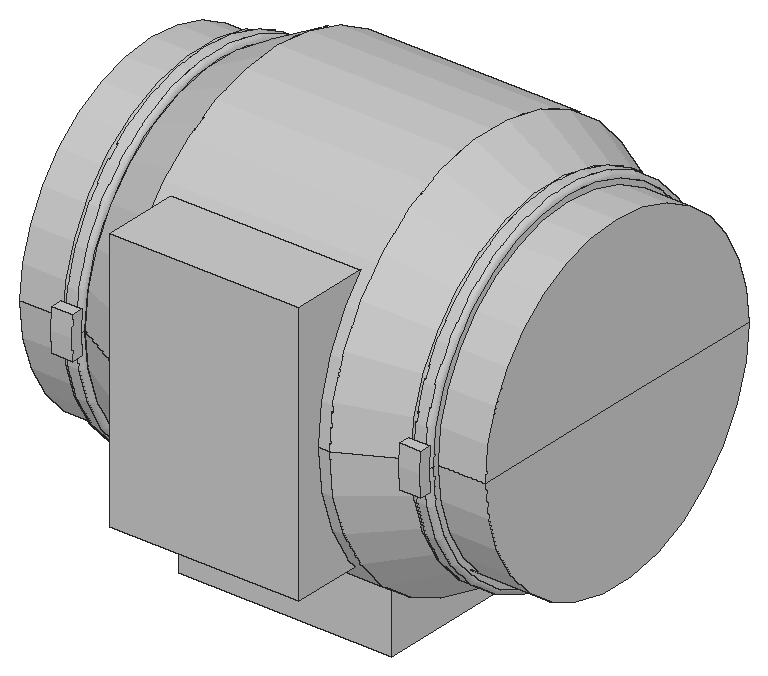
Revit family "ERA_Вентилятор_TYPHOON", category Оборудование, Revit 2019
Family settings
  Размер круглого соединителя = Использовать диаметр
  Классификация = Нет
  Тип детали = Вставляется
  На основе рабочей плоскости = Нет
  Всегда вертикально = Да
  При загрузке вырезать с полостями = Нет
  Общий = Нет
  Точка расчета площади = Нет
Parameters (values of type "TYPHOON 315 2SP_Скорость 2")
  УГО_Видимость [instance] = yes
  Производитель_Контакты_Телефон = "8 (4912) 70-16-76, 8 (4912) 24-16-00"  # constant formula
  Опора_Vis = not(Лыжня_1_2_Vis)  # yes
  Лыжня_2_W = size_lookup(LT, "Лыжня_2_W", 18 mm, Code1)  # 22 mm
  Лыжня_1_W = size_lookup(LT, "Лыжня_1_W", 14 mm, Code1)  # 19 mm
  Лыжня_1_2_Vis = if(Code1 < 21, 1 = 1, 1 = 0)  # no
  Коробка_W = size_lookup(LT, "Коробка_W", 67 mm, Code1)  # 181 mm
  Коробка_2_Vis = not(Коробка_1_Vis)  # yes
  Коробка_1_Vis = if(Code1 < 21, 1 = 1, 1 = 0)  # no
  Коробка_L2 = Коробка_1_2_L * 0.6  # 138.96 mm
  Коробка_L1 = Коробка_1_2_L * 0.4  # 92.64 mm
  Изготовитель = "ООО «ЭРА»"  # constant formula
  h = 260 mm  # constant formula
  b = B_W / 2 + 15 mm  # 208 mm
  Лыжня_1_2_W = size_lookup(LT, "Лыжня_1_2_W", 106 mm, Code1)  # 238 mm
  Лыжня_1_2_L = A_L - L1 - L1 + 10 mm  # 344 mm
  Коробка_1_2_L = B_W * 0.6  # 231.6 mm
  F = 216 mm  # constant formula
  ERA_Частота вращения = size_lookup(LT, "ERA_Частота вращения", "Ошибка!", Code1)  # "2350"
  ERA_Уровень шума = size_lookup(LT, "ERA_Уровень шума", "Ошибка!", Code1)  # "69"
  C_G = size_lookup(LT, "C_G", 216 mm, Code1)  # 357 mm
  URL = "https://era.trade"
  LT = "ERA_Вентилятор_TYPHOON"  # constant formula
  L2 = size_lookup(LT, "L2", 61 mm, Code1)  # 65 mm
  L1 = size_lookup(LT, "L1", 40 mm, Code1)  # 56 mm
  B1 = C_G - (C_G - B_W) * 0.3  # 365.7 mm
  A_L = size_lookup(LT, "A_L", 371 mm, Code1)  # 446 mm
  ERA_Цвет = "Серый"  # constant formula
  ERA_Управление = "Механическое"  # constant formula
  ERA_Торговая марка = "ERA PRO"  # constant formula
  ERA_Страна производитель = "Россия"  # constant formula
  ERA_Размещение = "Канальное"  # constant formula
  ERA_Рабочий механизм = "Осевой"  # constant formula
  ERA_Опция AT (Таймер) = size_lookup(LT, "ERA_Опция AT (Таймер)", "Ошибка!", Code1)  # "нет"
  ERA_Контакты = "8 (4912) 70-16-76, 8 (4912) 24-16-00"  # constant formula
  ERA_Класс защиты = "IP24"  # constant formula
  ERA_Гарантия = "3 года"  # constant formula
  ERA_IP двигателя = "44"  # constant formula
  ERA_IP вентилятора = "44"  # constant formula
  D = size_lookup(LT, "D", 100 mm, Code1)  # 315 mm
  Code1 = 22
  B_W = size_lookup(LT, "B_W", 173 mm, Code1)  # 386 mm
  ADSK_Этаж [instance] = ""
  ADSK_Ток = size_lookup(LT, "ADSK_Ток", 0 A, Code1)  # 1.24 A
  ADSK_Расход воздуха [instance] = size_lookup(LT, "ADSK_Расход воздуха", 0 m³/h, Code1)  # 2060 m³/h
  ADSK_Размер_Ширина = B_W  # 386 mm
  ADSK_Размер_Длина = A_L  # 446 mm
  ADSK_Размер_Высота = 200 mm  # constant formula
  ADSK_Примечание [instance] = ""
  ADSK_Потеря давления воздуха [instance] = size_lookup(LT, "ADSK_Потеря давления воздуха", 0.0 Pa, Code1)  # 715.0 Pa
  ADSK_Полная мощность = size_lookup(LT, "ADSK_Полная мощность", 0 VA, Code1)  # 285 VA
  ADSK_Позиция [instance] = ""
  ADSK_Обозначение = size_lookup(LT, "ADSK_Обозначение", "Ошибка!", Code1)  # "TYPHOON 315 2SP"
  ADSK_Номинальная мощность = size_lookup(LT, "ADSK_Номинальная мощность", 0 W, Code1)  # 285 W
  ADSK_Напряжение = 230 V  # constant formula
  ADSK_Наименование краткое [instance] = ADSK_Марка  # "TYPHOON 315 2SP"
  ADSK_Наименование = size_lookup(LT, "ADSK_Наименование", "Ошибка!", Code1)  # "Вентилятор канальный TYPHOON 315 2SP скорость 2"
  ADSK_Материал = ERA_Пластик_Серый
  ADSK_Масса_Текст = size_lookup(LT, "ADSK_Масса_Текст", "Ошибка!", Code1)  # "11"
  ADSK_Масса = size_lookup(LT, "ADSK_Масса", 0, Code1)  # 11
  ADSK_Марка = ADSK_Обозначение  # "TYPHOON 315 2SP"
  ADSK_Коэффициент мощности = 0.8  # constant formula
  ADSK_Количество фаз числовое = 1  # constant formula
  ADSK_Количество фаз = 1  # constant formula
  ADSK_Количество = 1  # constant formula
  ADSK_Код изделия = ADSK_Марка  # "TYPHOON 315 2SP"
  ADSK_Классификация нагрузок = Электродвигатель вентилятора
  ADSK_Завод-изготовитель = "ООО «ЭРА»"  # constant formula
  ADSK_Единица измерения = "шт."  # constant formula
  ADSK_Группирование [instance] = ""
  ADSK_Версия семейства = "Ver.1 2025-02"  # constant formula
  ADSK_Версия Revit = "2019"  # constant formula
  ADSK_URL страницы изделия = "https://era.trade/catalog/ventilyator_kanalnyy/seria_typhoon/"
  ADSK_URL документации изделия = "https://era.trade/catalog/ventilyator_kanalnyy/seria_typhoon/"
Types (22, lengths in mm): name | Опора_Vis | Лыжня_2_W | Лыжня_1_W | Лыжня_1_2_Vis | Коробка_W | Коробка_2_Vis | Коробка_1_Vis | Коробка_L2 | Коробка_L1 | b | Лыжня_1_2_W | Лыжня_1_2_L | Коробка_1_2_L | ERA_Частота вращения | ERA_Уровень шума | C_G | L2 | L1 | B1 | A_L | ERA_Опция AT (Таймер) | D | Code1 | B_W | ADSK_Ток | ADSK_Расход воздуха | ADSK_Размер_Ширина | ADSK_Размер_Длина | ADSK_Потеря давления воздуха | ADSK_Полная мощность | ADSK_Обозначение | ADSK_Номинальная мощность | ADSK_Наименование краткое | ADSK_Наименование | ADSK_Масса_Текст | ADSK_Масса | ADSK_Марка | ADSK_Код изделия
  TYPHOON 100 2SP_Скорость 1 | no | 18 | 14 | yes | 67 | no | yes | 62.28 | 41.52 | 101.5 | 106 | 301 | 103.8 | "1850" | "31" | 216 | 61 | 40 | 203.1 | 371 | "есть" | 100 | 3 | 173 | 0.1 A | 180 m³/h | 173 | 371 | 110.0 Pa | 23 VA | "TYPHOON 100 2SP AT" | 23 W | "TYPHOON 100 2SP AT" | "Вентилятор канальный TYPHOON 100 2SP AT скорость 1" | "1.84" | 1.84 | "TYPHOON 100 2SP AT" | "TYPHOON 100 2SP AT"
  TYPHOON 100 2SP_Скорость 2 | no | 18 | 14 | yes | 67 | no | yes | 62.28 | 41.52 | 101.5 | 106 | 301 | 103.8 | "2500" | "40" | 216 | 61 | 40 | 203.1 | 371 | "есть" | 100 | 4 | 173 | 0.11 A | 250 m³/h | 173 | 371 | 190.0 Pa | 25 VA | "TYPHOON 100 2SP AT" | 25 W | "TYPHOON 100 2SP AT" | "Вентилятор канальный TYPHOON 100 2SP AT скорость 2" | "1.84" | 1.84 | "TYPHOON 100 2SP AT" | "TYPHOON 100 2SP AT"
  TYPHOON 100 2SP AT_Скорость 1 | no | 18 | 14 | yes | 67 | no | yes | 62.28 | 41.52 | 101.5 | 106 | 301 | 103.8 | "1850" | "31" | 216 | 61 | 40 | 203.1 | 371 | "нет" | 100 | 1 | 173 | 0.1 A | 180 m³/h | 173 | 371 | 110.0 Pa | 23 VA | "TYPHOON 100 2SP" | 23 W | "TYPHOON 100 2SP" | "Вентилятор канальный TYPHOON 100 2SP скорость 1" | "1.84" | 1.84 | "TYPHOON 100 2SP" | "TYPHOON 100 2SP"
  TYPHOON 100 2SP AT_Скорость 2 | no | 18 | 14 | yes | 67 | no | yes | 62.28 | 41.52 | 101.5 | 106 | 301 | 103.8 | "2500" | "40" | 216 | 61 | 40 | 203.1 | 371 | "нет" | 100 | 2 | 173 | 0.11 A | 250 m³/h | 173 | 371 | 190.0 Pa | 25 VA | "TYPHOON 100 2SP" | 25 W | "TYPHOON 100 2SP" | "Вентилятор канальный TYPHOON 100 2SP скорость 2" | "1.84" | 1.84 | "TYPHOON 100 2SP" | "TYPHOON 100 2SP"
  TYPHOON 125 2SP_Скорость 1 | no | 18 | 14 | yes | 67 | no | yes | 62.28 | 41.52 | 101.5 | 106 | 221 | 103.8 | "1800" | "30" | 216 | 61 | 40 | 203.1 | 291 | "есть" | 125 | 7 | 173 | 0.11 A | 240 m³/h | 173 | 291 | 110.0 Pa | 25 VA | "TYPHOON 125 2SP AT" | 25 W | "TYPHOON 125 2SP AT" | "Вентилятор канальный TYPHOON 125 2SP AT скорость 1" | "1.72" | 1.72 | "TYPHOON 125 2SP AT" | "TYPHOON 125 2SP AT"
  TYPHOON 125 2SP_Скорость 2 | no | 18 | 14 | yes | 67 | no | yes | 62.28 | 41.52 | 101.5 | 106 | 221 | 103.8 | "2450" | "39" | 216 | 61 | 40 | 203.1 | 291 | "есть" | 125 | 8 | 173 | 0.13 A | 355 m³/h | 173 | 291 | 190.0 Pa | 29 VA | "TYPHOON 125 2SP AT" | 29 W | "TYPHOON 125 2SP AT" | "Вентилятор канальный TYPHOON 125 2SP AT скорость 2" | "1.72" | 1.72 | "TYPHOON 125 2SP AT" | "TYPHOON 125 2SP AT"
  TYPHOON 125 2SP AT_Скорость 1 | no | 18 | 14 | yes | 67 | no | yes | 62.28 | 41.52 | 101.5 | 106 | 221 | 103.8 | "1800" | "30" | 216 | 61 | 40 | 203.1 | 291 | "нет" | 125 | 5 | 173 | 0.11 A | 240 m³/h | 173 | 291 | 110.0 Pa | 25 VA | "TYPHOON 125 2SP" | 25 W | "TYPHOON 125 2SP" | "Вентилятор канальный TYPHOON 125 2SP скорость 1" | "1.72" | 1.72 | "TYPHOON 125 2SP" | "TYPHOON 125 2SP"
  TYPHOON 125 2SP AT_Скорость 2 | no | 18 | 14 | yes | 67 | no | yes | 62.28 | 41.52 | 101.5 | 106 | 221 | 103.8 | "2450" | "39" | 216 | 61 | 40 | 203.1 | 291 | "нет" | 125 | 6 | 173 | 0.13 A | 355 m³/h | 173 | 291 | 190.0 Pa | 29 VA | "TYPHOON 125 2SP" | 29 W | "TYPHOON 125 2SP" | "Вентилятор канальный TYPHOON 125 2SP скорость 2" | "1.72" | 1.72 | "TYPHOON 125 2SP" | "TYPHOON 125 2SP"
  TYPHOON 150 2SP_Скорость 1 | no | 19 | 15 | yes | 67 | no | yes | 68.4 | 45.6 | 110 | 112 | 239 | 114 | "2000" | "40" | 238 | 70 | 47 | 223.6 | 323 | "есть" | 150 | 11 | 190 | 0.18 A | 415 m³/h | 190 | 323 | 225.0 Pa | 42 VA | "TYPHOON 150 2SP AT" | 42 W | "TYPHOON 150 2SP AT" | "Вентилятор канальный TYPHOON 150 2SP AT скорость 1" | "2.3" | 2.3 | "TYPHOON 150 2SP AT" | "TYPHOON 150 2SP AT"
  TYPHOON 150 2SP_Скорость 2 | no | 19 | 15 | yes | 67 | no | yes | 68.4 | 45.6 | 110 | 112 | 239 | 114 | "2600" | "49" | 238 | 70 | 47 | 223.6 | 323 | "есть" | 150 | 12 | 190 | 0.22 A | 570 m³/h | 190 | 323 | 305.0 Pa | 50 VA | "TYPHOON 150 2SP AT" | 50 W | "TYPHOON 150 2SP AT" | "Вентилятор канальный TYPHOON 150 2SP AT скорость 2" | "2.3" | 2.3 | "TYPHOON 150 2SP AT" | "TYPHOON 150 2SP AT"
  TYPHOON 150 2SP AT_Скорость 1 | no | 19 | 15 | yes | 67 | no | yes | 68.4 | 45.6 | 110 | 112 | 239 | 114 | "2000" | "40" | 238 | 70 | 47 | 223.6 | 323 | "нет" | 150 | 9 | 190 | 0.18 A | 415 m³/h | 190 | 323 | 225.0 Pa | 42 VA | "TYPHOON 150 2SP" | 42 W | "TYPHOON 150 2SP" | "Вентилятор канальный TYPHOON 150 2SP скорость 1" | "2.3" | 2.3 | "TYPHOON 150 2SP" | "TYPHOON 150 2SP"
  TYPHOON 150 2SP AT_Скорость 2 | no | 19 | 15 | yes | 67 | no | yes | 68.4 | 45.6 | 110 | 112 | 239 | 114 | "2600" | "49" | 238 | 70 | 47 | 223.6 | 323 | "нет" | 150 | 10 | 190 | 0.22 A | 570 m³/h | 190 | 323 | 305.0 Pa | 50 VA | "TYPHOON 150 2SP" | 50 W | "TYPHOON 150 2SP" | "Вентилятор канальный TYPHOON 150 2SP скорость 2" | "2.3" | 2.3 | "TYPHOON 150 2SP" | "TYPHOON 150 2SP"
  TYPHOON 160 2SP_Скорость 1 | no | 20 | 17 | yes | 67 | no | yes | 68.4 | 45.6 | 110 | 112 | 248 | 114 | "2000" | "40" | 238 | 97 | 51 | 223.6 | 340 | "есть" | 160 | 15 | 190 | 0.18 A | 415 m³/h | 190 | 340 | 225.0 Pa | 42 VA | "TYPHOON 160 2SP AT" | 42 W | "TYPHOON 160 2SP AT" | "Вентилятор канальный TYPHOON 160 2SP AT скорость 1" | "2.4" | 2.4 | "TYPHOON 160 2SP AT" | "TYPHOON 160 2SP AT"
  TYPHOON 160 2SP_Скорость 2 | no | 20 | 17 | yes | 67 | no | yes | 68.4 | 45.6 | 110 | 112 | 248 | 114 | "2600" | "49" | 238 | 97 | 51 | 223.6 | 340 | "есть" | 160 | 16 | 190 | 0.22 A | 570 m³/h | 190 | 340 | 305.0 Pa | 50 VA | "TYPHOON 160 2SP AT" | 50 W | "TYPHOON 160 2SP AT" | "Вентилятор канальный TYPHOON 160 2SP AT скорость 2" | "2.4" | 2.4 | "TYPHOON 160 2SP AT" | "TYPHOON 160 2SP AT"
  TYPHOON 160 2SP AT_Скорость 1 | no | 20 | 17 | yes | 67 | no | yes | 68.4 | 45.6 | 110 | 112 | 248 | 114 | "2000" | "40" | 238 | 97 | 51 | 223.6 | 340 | "нет" | 160 | 13 | 190 | 0.18 A | 415 m³/h | 190 | 340 | 225.0 Pa | 42 VA | "TYPHOON 160 2SP" | 42 W | "TYPHOON 160 2SP" | "Вентилятор канальный TYPHOON 160 2SP скорость 1" | "2.4" | 2.4 | "TYPHOON 160 2SP" | "TYPHOON 160 2SP"
  TYPHOON 160 2SP AT_Скорость 2 | no | 20 | 17 | yes | 67 | no | yes | 68.4 | 45.6 | 110 | 112 | 248 | 114 | "2600" | "49" | 238 | 97 | 51 | 223.6 | 340 | "нет" | 160 | 14 | 190 | 0.22 A | 570 m³/h | 190 | 340 | 305.0 Pa | 50 VA | "TYPHOON 160 2SP" | 50 W | "TYPHOON 160 2SP" | "Вентилятор канальный TYPHOON 160 2SP скорость 2" | "2.4" | 2.4 | "TYPHOON 160 2SP" | "TYPHOON 160 2SP"
  TYPHOON 200 2SP_Скорость 1 | no | 21 | 18 | yes | 67 | no | yes | 90 | 60 | 140 | 120 | 320 | 150 | "2250" | "50" | 267 | 38 | 33 | 261.9 | 376 | "нет" | 200 | 17 | 250 | 0.33 A | 850 m³/h | 250 | 376 | 300.0 Pa | 75 VA | "TYPHOON 200 2SP" | 75 W | "TYPHOON 200 2SP" | "Вентилятор канальный TYPHOON 200 2SP скорость 1" | "4" | 4 | "TYPHOON 200 2SP" | "TYPHOON 200 2SP"
  TYPHOON 200 2SP_Скорость 2 | no | 21 | 18 | yes | 67 | no | yes | 90 | 60 | 140 | 120 | 320 | 150 | "2600" | "58" | 267 | 38 | 33 | 261.9 | 376 | "нет" | 200 | 18 | 250 | 0.46 A | 1100 m³/h | 250 | 376 | 350.0 Pa | 105 VA | "TYPHOON 200 2SP" | 105 W | "TYPHOON 200 2SP" | "Вентилятор канальный TYPHOON 200 2SP скорость 2" | "4" | 4 | "TYPHOON 200 2SP" | "TYPHOON 200 2SP"
  TYPHOON 250 2SP_Скорость 1 | no | 22 | 19 | yes | 67 | no | yes | 111.24 | 74.16 | 169.5 | 128 | 399 | 185.4 | "1985" | "52" | 326 | 32 | 33 | 320.9 | 455 | "нет" | 250 | 19 | 309 | 0.58 A | 1150 m³/h | 309 | 455 | 300.0 Pa | 134 VA | "TYPHOON 250 2SP" | 134 W | "TYPHOON 250 2SP" | "Вентилятор канальный TYPHOON 250 2SP скорость 1" | "7.25" | 7.25 | "TYPHOON 250 2SP" | "TYPHOON 250 2SP"
  TYPHOON 250 2SP_Скорость 2 | no | 22 | 19 | yes | 67 | no | yes | 111.24 | 74.16 | 169.5 | 128 | 399 | 185.4 | "2550" | "60" | 326 | 32 | 33 | 320.9 | 455 | "нет" | 250 | 20 | 309 | 0.78 A | 1560 m³/h | 309 | 455 | 350.0 Pa | 180 VA | "TYPHOON 250 2SP" | 180 W | "TYPHOON 250 2SP" | "Вентилятор канальный TYPHOON 250 2SP скорость 2" | "7.25" | 7.25 | "TYPHOON 250 2SP" | "TYPHOON 250 2SP"
  TYPHOON 315 2SP_Скорость 1 | yes | 22 | 19 | no | 181 | yes | no | 138.96 | 92.64 | 208 | 238 | 344 | 231.6 | "1900" | "61" | 357 | 65 | 56 | 365.7 | 446 | "нет" | 315 | 21 | 386 | 0.93 A | 1650 m³/h | 386 | 446 | 480.0 Pa | 215 VA | "TYPHOON 315 2SP" | 215 W | "TYPHOON 315 2SP" | "Вентилятор канальный TYPHOON 315 2SP скорость 1" | "11" | 11 | "TYPHOON 315 2SP" | "TYPHOON 315 2SP"
  TYPHOON 315 2SP_Скорость 2 | yes | 22 | 19 | no | 181 | yes | no | 138.96 | 92.64 | 208 | 238 | 344 | 231.6 | "2350" | "69" | 357 | 65 | 56 | 365.7 | 446 | "нет" | 315 | 22 | 386 | 1.24 A | 2060 m³/h | 386 | 446 | 715.0 Pa | 285 VA | "TYPHOON 315 2SP" | 285 W | "TYPHOON 315 2SP" | "Вентилятор канальный TYPHOON 315 2SP скорость 2" | "11" | 11 | "TYPHOON 315 2SP" | "TYPHOON 315 2SP"
Reference planes
  plane 1 "По центру (Вперед/Назад)": y = 0
  plane 2: z = 0
  plane 3 "По центру (Влево/Вправо)": x = 0
  plane 4: x = -223
  plane 5: x = -167
  plane 6: x = -102
  plane 7: x = -90.5
  plane 8: x = 223
  plane 9: x = 167
  plane 10: x = 102
  plane 11: x = 90.5
  plane 12: y = 157.5
  plane 13: y = -157.5
  plane 14: y = 193
  plane 15: y = -193
  plane 16: y = 109
  plane 17: y = 36.333
  plane 18: y = -36.333
  plane 19: y = -109
  plane 20: y = 119
  plane 21: y = -119
  plane 22: z = -208
  plane 23: y = -216
  plane 24: z = -130
  plane 25: z = 130
  plane 26: y = -194
  plane 27: y = 194
  plane 28: z = 149
Forms (mm)
  Revolve 1, solid, material "ERA_Пластик_Серый" <- "ADSK_Материал", detail levels fine
    sketch origin (0, 0, 0) x (1, 0, 0) y (0, 1, 0)
      loop
        line (-223, 157.5) -> (-223, 0) -> (223, 0) -> (223, 157.5) -> (167, 157.5) -> (102, 193) -> (-102, 193) -> (-167, 157.5) -> (-223, 157.5)
      axis (223, 0) -> (-223, 0)
    angle from 0 to 360
  Extrusion 2, solid, material "ERA_Пластик_Серый" <- "ADSK_Материал", visible <- "Опора_Vis", detail levels fine
    sketch origin (0, 0, 0) x (1, 0, 0) y (0, 1, 0)
      loop
        line (-102, 119) -> (-102, -119) -> (102, -119) -> (102, 119) -> (-102, 119)
    from -208 to 0
  Extrusion 3, solid, material "ERA_Пластик_Серый" <- "ADSK_Материал", visible <- "Коробка_2_Vis", detail levels fine
    sketch origin (0, 0, 0) x (1, 0, 0) y (0, 1, 0)
      loop
        line (-90.5, -216) -> (90.5, -216) -> (90.5, -119) -> (-90.5, -119) -> (-90.5, -216)
    from -122.032 to 130
  Extrusion 4, solid, material "ERA_Пластик_Серый" <- "ADSK_Материал", detail levels fine
    sketch origin (0, 265, 0) x (0, 0, 1) y (1, 0, 0)
      loop
        line (5, 0) -> (10, 0) -> (0, 17.321) -> (-10, 0) -> (-5, 0) -> (-5, -20) -> (0, -20) -> (5, -20) -> (5, 0)
    from -459 to -71
Lines and regions (mm)
  reference lines
    curve 1: line (-223, 0, 0) -> (223, 0, 0)
Dimensions and locks
  "L1": plane 4 to plane 5
  "L2": plane 5 to plane 6
  equal spacing: plane 7, plane 3 "По центру (Влево/Вправо)", plane 11
  "Коробка_W": plane 7 to plane 11
  "L1": plane 9 to plane 8
  "L2": plane 10 to plane 9
  "A_L": plane 4 to plane 8
  equal spacing: plane 4, plane 3 "По центру (Влево/Вправо)", plane 8
  equal spacing: plane 13, plane 1 "По центру (Вперед/Назад)", plane 12
  "D": plane 13 to plane 12
  equal spacing: plane 15, plane 1 "По центру (Вперед/Назад)", plane 14
  "B_W": plane 15 to plane 14
  equal spacing: plane 16, plane 17, plane 18, plane 19
  locked: plane 21 to plane 19 at 10
  locked: plane 20 to plane 16 at 10
  equal spacing: plane 21, plane 1 "По центру (Вперед/Назад)", plane 20
  "Лыжня_1_2_W": plane 20 to plane 21
  "b": plane 2 to plane 22
  "F": plane 23 to plane 1 "По центру (Вперед/Назад)"
  equal spacing: plane 25, plane 2, plane 24
  "h": plane 24 to plane 25
  locked: plane 26 to plane 15 at 1
  locked: plane 27 to plane 14 at 1
  locked: plane 3 "По центру (Влево/Вправо)" to Extrusion 4 sketch curve at 20
  locked: Extrusion 4 sketch curve to plane 2 at 5
  Extrusion 4 sketch curve to Extrusion 4 sketch curve = 20 mm
  locked: Extrusion 4 sketch curve to Extrusion 4 sketch curve at 10
  "C_G": plane 28 to plane 22
  angle Extrusion 4 sketch curve to curve 1 = 30.00°
  locked: Extrusion 4 sketch curve to Extrusion 4 sketch curve (angle 60.00°)
  aligned and locked: level to plane 2
  aligned and locked: Revolve 1 sketch curve to plane 4
  aligned and locked: Revolve 1 sketch curve to plane 12  (x2)
  aligned and locked: Revolve 1 sketch curve to plane 5
  aligned and locked: Revolve 1 sketch curve to plane 6
  aligned and locked: Revolve 1 sketch curve to plane 14
  aligned and locked: plane 10 to Revolve 1 sketch curve
  aligned and locked: plane 9 to Revolve 1 sketch curve
  aligned and locked: Revolve 1 sketch curve to plane 8
  aligned and locked: Revolve 1 sketch curve to plane 1 "По центру (Вперед/Назад)"
  aligned and locked: plane 1 "По центру (Вперед/Назад)" to nested 1
  aligned and locked: plane 1 "По центру (Вперед/Назад)" to nested 2
  aligned and locked: plane 3 "По центру (Влево/Вправо)" to nested 3
  aligned and locked: plane 1 "По центру (Вперед/Назад)" to nested 3
  aligned and locked: nested 1 to plane 5
  aligned and locked: plane 9 to nested 2
  aligned and locked: plane 3 "По центру (Влево/Вправо)" to nested 5
  aligned and locked: plane 3 "По центру (Влево/Вправо)" to nested 4
  aligned and locked: nested 4 to plane 19
  aligned and locked: nested 6 to plane 16
  aligned and locked: nested 7 to plane 18
  aligned and locked: nested 5 to plane 17
  aligned and locked: plane 22 to nested 4
  aligned and locked: plane 22 to nested 7
  aligned and locked: plane 22 to nested 5
  aligned and locked: plane 22 to nested 6
  aligned and locked: plane 4 to curve 1
  aligned and locked: plane 8 to curve 1
  aligned and locked: plane 1 "По центру (Вперед/Назад)" to curve 1
  aligned and locked: plane 3 "По центру (Влево/Вправо)" to nested 8
  aligned and locked: plane 1 "По центру (Вперед/Назад)" to nested 8
  aligned and locked: nested 9 to plane 1 "По центру (Вперед/Назад)"
  aligned and locked: Extrusion 2 sketch curve to plane 6
  aligned and locked: Extrusion 2 sketch curve to plane 10
  aligned and locked: Extrusion 2 sketch curve to plane 20
  aligned and locked: Extrusion 2 sketch curve to plane 21
  aligned and locked: Extrusion 2 to plane 22
  aligned and locked: plane 2 to Extrusion 2
  aligned and locked: plane 23 to Extrusion 3 sketch curve
  aligned and locked: plane 7 to Extrusion 3 sketch curve
  aligned and locked: Extrusion 3 sketch curve to plane 21
  aligned and locked: Extrusion 3 sketch curve to plane 11
  aligned and locked: Extrusion 3 to plane 25
  aligned and locked: plane 26 to Extrusion 4
  aligned and locked: plane 27 to Extrusion 4
Automatic sketch dimensions
  Extrusion 4 sketch curve to plane 3 "По центру (Влево/Вправо)" = 0 mm  (x2)
  Extrusion 4 sketch curve to level = 0 mm  (x2)
Nested families
  nested 1: "ZIP_Хомут" at (-167, 0, 0), D <- "D", ADSK_Материал <- "ADSK_Материал", type "ZIP_Хомут", detail levels fine
    with Ширина хомута 20 mm, D2 357 mm, D1 335 mm, D 315 mm, ADSK_Материал ERA_Пластик_Серый
  nested 2: "ZIP_Хомут" at (167, 0, 0), D <- "D", ADSK_Материал <- "ADSK_Материал", type "ZIP_Хомут", detail levels fine
    with Ширина хомута 20 mm, D2 357 mm, D1 335 mm, D 315 mm, ADSK_Материал ERA_Пластик_Серый
  nested 3: "ZIP_Электрическая коробка" at (0, 0, 0), B <- "B_W", W <- "Коробка_W", L1 <- "L1", visible <- "Коробка_1_Vis", ADSK_Материал <- "ADSK_Материал", B1 <- "B1", type "ZIP_Электрическая коробка", detail levels fine
    with W 181 mm, R1 193 mm, L2 46 mm, L1 56 mm, H 191 mm, B1 365.7 mm, B 386 mm, ADSK_Материал ERA_Пластик_Серый
  nested 4: "ZIP_Лыжня" at (0, -109, -208), Ширина лыжни <- "Лыжня_1_W", L <- "Лыжня_1_2_L", H <- "b", visible <- "Лыжня_1_2_Vis", ADSK_Материал <- "ADSK_Материал", type "ZIP_Лыжня_1", detail levels fine
    with Ширина лыжни 19 mm, R 52 mm, L 344 mm, H 208 mm, ADSK_Материал ERA_Пластик_Серый
  nested 5: "ZIP_Лыжня" at (0, 36.333, -208), Ширина лыжни <- "Лыжня_2_W", L <- "Лыжня_1_2_L", H <- "b", visible <- "Лыжня_1_2_Vis", ADSK_Материал <- "ADSK_Материал", type "ZIP_Лыжня_2", detail levels fine
    with Ширина лыжни 22 mm, R 52 mm, L 344 mm, H 208 mm, ADSK_Материал ERA_Пластик_Серый
  nested 6: "ZIP_Лыжня" at (0, 109, -208), Ширина лыжни <- "Лыжня_1_W", L <- "Лыжня_1_2_L", H <- "b", visible <- "Лыжня_1_2_Vis", ADSK_Материал <- "ADSK_Материал", type "ZIP_Лыжня_1", detail levels fine
    with Ширина лыжни 19 mm, R 52 mm, L 344 mm, H 208 mm, ADSK_Материал ERA_Пластик_Серый
  nested 7: "ZIP_Лыжня" at (0, -36.333, -208), Ширина лыжни <- "Лыжня_2_W", L <- "Лыжня_1_2_L", H <- "b", visible <- "Лыжня_1_2_Vis", ADSK_Материал <- "ADSK_Материал", type "ZIP_Лыжня_2", detail levels fine
    with Ширина лыжни 22 mm, R 52 mm, L 344 mm, H 208 mm, ADSK_Материал ERA_Пластик_Серый
  nested 8: "УГО_Вентилятор_2D" at (0, 0, 0), visible <- "УГО_Видимость", type "УГО_Вентилятор_2D", detail levels coarse+medium
    with A 446 mm
  nested 9: "УГО_Вентилятор_3D" at (0, 0, 0) x (1, 0, 0) z (0, -1, 0), visible <- "УГО_Видимость", type "УГО_Вентилятор_3D", detail levels coarse+medium
    with B 350 mm
Connectors
  hvac at (-223, 0, 0), driven by "ADSK_Потеря давления воздуха", driven by "ADSK_Расход воздуха", driven by "D"
    settings: on curve 1, index 1, duct flow 2060 m³/h, flow factor 0, pres drop 715.0 Pa, loss coef 0, conn angle 0.00°, conn width 304.8 mm, conn height 304.8 mm, conn diameter 315 mm, duct sys type 29, conn prof type 0, flow config 0, flow direction 1, loss method 4, conn ref index 2, conn util no, is conn primary yes, conn desc ""
  hvac at (223, 0, 0), driven by "ADSK_Расход воздуха", driven by "D"
    settings: on curve 1, index 2, duct flow 2060 m³/h, flow factor 0, pres drop 0.0 Pa, loss coef 0, conn angle 0.00°, conn width 304.8 mm, conn height 304.8 mm, conn diameter 315 mm, duct sys type 29, conn prof type 0, flow config 0, flow direction 2, loss method 0, conn ref index 1, conn util no, is conn primary no, conn desc ""
  electrical at (0, 0, 0), driven by "ADSK_Количество фаз", driven by "ADSK_Классификация нагрузок", driven by "ADSK_Напряжение", driven by "ADSK_Полная мощность", driven by "ADSK_Коэффициент мощности"
    settings: index 3, voltage 230 V, apparent load 285 VA, apparent load phase1 0 VA, apparent load phase2 0 VA, apparent load phase3 0 VA, power factor 0.8, load classification "Электродвигатель вентилятора", number of poles 1, system type 30, power factor state 1, is connector primary yes, connector utility no, sub classification motor no, connector description ""
Definition of nested family "ZIP_Хомут"
  Parameters (values of type "ZIP_Хомут")
    Ширина хомута [instance] = 20 mm
    D2 [instance] = D1 + 22 mm  # 292 mm
    D1 [instance] = D + Ширина хомута  # 270 mm
    D [instance] = 250 mm
    ADSK_Материал [instance] = none
  Reference planes
    plane 1 "По центру (Вперед/Назад)": y = 0
    plane 2 "Центрирование (Вверх/Вниз)": z = 0
    plane 3 "По центру (Влево/Вправо)": x = 0
    plane 4: z = 125
    plane 5: z = -125
    plane 6: x = -10
    plane 7: x = 10
  Forms (mm)
    Sweep 1, solid, material <- "ADSK_Материал"
      path origin (0, 0, 0) x (0, 1, 0) y (0, 0, 1)
        loop
          circle (0, 0) r 125
      profile "ZIP_Хомут профиль : ZIP_Хомут профиль" origin (0, 0, 125) x (0, 0, -1) y (1, 0, 0)
        loop
          line (-5, -10) -> (0, -10) -> (0, -5) -> (-5, -5) -> (-5, 5) -> (0, 5) -> (0, 10) -> (-5, 10)
          arc (-5, 10) -> (-8.536, 8.536) -> (-10, 5) r 5
          line (-10, 5) -> (-10, -5)
          arc (-10, -5) -> (-8.536, -8.536) -> (-5, -10) r 5
    Extrusion 2, solid, material <- "ADSK_Материал"
      sketch origin (0, 0, 0) x (0, 1, 0) y (0, 0, 1)
        loop
          arc (144.624, -20) -> (146, 0) -> (144.624, 20) r 146
          line (144.624, 20) -> (133.51, 20)
          arc (133.51, 20) -> (135, 0) -> (133.51, -20) r 135
          line (133.51, -20) -> (144.624, -20)
        loop
          line (-133.51, 20) -> (-144.791, 20)
          arc (-144.791, 20) -> (-145.995, -0.012) -> (-144.445, -20) r 146
          line (-144.445, -20) -> (-133.51, -20)
          arc (-133.51, -20) -> (-135, 0) -> (-133.51, 20) r 135
      from -10 to 10
  Dimensions and locks
    equal spacing: plane 4, plane 2 "Центрирование (Вверх/Вниз)", plane 5
    "D": plane 4 to plane 5
    equal spacing: plane 6, plane 3 "По центру (Влево/Вправо)", plane 7
    "Ширина хомута": plane 6 to plane 7
    "D": diameter of Sweep 1 sketch curve
    "D1": diameter of Extrusion 2 sketch curve  (x2)
    "D2": diameter of Extrusion 2 sketch curve  (x2)
    aligned and locked: level to plane 2 "Центрирование (Вверх/Вниз)"
    aligned and locked: Extrusion 2 to plane 6
    aligned and locked: Extrusion 2 to plane 7
  Automatic sketch dimensions
    Sweep 1 sketch curve to level = 0 mm
    Sweep 1 sketch curve to plane 1 "По центру (Вперед/Назад)" = 0 mm
    Extrusion 2 sketch curve to Extrusion 2 sketch curve = 0 mm  (x6)
    Extrusion 2 sketch curve to level = 0 mm
    Extrusion 2 sketch curve to plane 1 "По центру (Вперед/Назад)" = 0 mm  (x2)
    Extrusion 2 sketch curve to level = 20 mm  (x2)
    level to Extrusion 2 sketch curve = 20 mm  (x2)
    Extrusion 2 sketch curve to Extrusion 2 sketch curve = 10.935 mm
Definition of nested family "ZIP_Электрическая коробка"
  Parameters (values of type "ZIP_Электрическая коробка")
    W [instance] = 280 mm
    R1 [instance] = (B) / 2  # 86.475 mm
    L2 [instance] = L1 - 10 mm  # 60 mm
    L1 [instance] = 70 mm
    H [instance] = B / 2 - 2 mm  # 84.475 mm
    B1 [instance] = 192.95 mm
    B [instance] = 172.95 mm
    ADSK_Материал [instance] = none
  Reference planes
    plane 1 "По центру (Вперед/Назад)": y = 0
    plane 2 "Центрирование (Вверх/Вниз)": z = 0
    plane 3 "По центру (Влево/Вправо)": x = 0
    plane 4: y = -70
    plane 5: x = -140
    plane 6: x = 140
    plane 7: x = -70
    plane 8: y = -72
    plane 9: y = -78
    plane 10: y = -90
    plane 11: z = 84.475
    plane 12: y = 60
    plane 13: z = -86.475
  Forms (mm)
    Sweep 1, solid, material <- "ADSK_Материал"
      path origin (-70, 104.667, 1161.475) x (0, 1, 0) y (0, 0, 1)
        loop
          line (-182.667, -1077) -> (-176.667, -1077)
      profile "ZIP_Профиль восьмиугольник_2 : ZIP_Профиль восьмиугольник_2" origin (-70, -75, 84.475) x (0, 0, 1) y (1, 0, 0)
        loop
          line (0, 12.448) -> (-8.802, 8.802) -> (-12.448, 0) -> (-8.802, -8.802) -> (0, -12.448) -> (8.802, -8.802) -> (12.448, 0) -> (8.802, 8.802) -> (0, 12.448)
    Sweep 2, solid, material <- "ADSK_Материал"
      path origin (-70, 104.667, 1161.475) x (0, 1, 0) y (0, 0, 1)
        loop
          line (-194.667, -1077) -> (-182.667, -1077)
      profile "ZIP_Профиль восьмиугольник_1 : ZIP_Профиль восьмиугольник_1" origin (-70, -84, 84.475) x (0, 0, 1) y (1, 0, 0)
        loop
          line (0, 10.824) -> (-7.654, 7.654) -> (-10.824, 0) -> (-7.654, -7.654) -> (0, -10.824) -> (7.654, -7.654) -> (10.824, 0) -> (7.654, 7.654) -> (0, 10.824)
    Revolve 3, solid, material <- "ADSK_Материал"
      sketch origin (-70, 104.667, 1200) x (0, 1, 0) y (0, 0, 1)
        loop
          line (-174.667, -1115.525) -> (-174.667, -1105.525) -> (-195.667, -1105.525)
          arc (-195.667, -1105.525) -> (-198.496, -1106.696) -> (-199.667, -1109.525) r 4
          line (-199.667, -1109.525) -> (-199.667, -1115.525) -> (-174.667, -1115.525)
        axis (-174.667, -1115.525) -> (-199.667, -1115.525)
      angle from 0 to 360
    Extrusion 4, solid, material <- "ADSK_Материал"
      sketch origin (0, 0, 0) x (0, 1, 0) y (0, 0, 1)
        loop
          line (60, 62.273) -> (60, 96.909)
          arc (60, 96.909) -> (-5.311, 106.402) -> (-70, 93.33) r 192.95
          line (-70, 93.33) -> (-70, 50.774)
          arc (-70, 50.774) -> (-7.62, 86.139) -> (60, 62.273) r 86.475
      from -140 to 140
  Dimensions and locks
    plane 1 "По центру (Вперед/Назад)" to plane 4 = 70 mm
    "W": plane 5 to plane 6
    equal spacing: plane 5, plane 3 "По центру (Влево/Вправо)", plane 6
    equal spacing: plane 5, plane 7, plane 3 "По центру (Влево/Вправо)"
    locked: plane 8 to plane 4 at 2
    locked: plane 9 to plane 4 at 8
    locked: plane 10 to plane 9 at 12
    locked: Revolve 3 sketch curve to plane 11 at 10
    locked: Revolve 3 sketch curve to plane 4 at 25
    "L1": plane 4 to plane 1 "По центру (Вперед/Назад)"
    "L2": plane 1 "По центру (Вперед/Назад)" to plane 12
    "H": plane 11 to plane 2 "Центрирование (Вверх/Вниз)"
    "R1": plane 13 to plane 2 "Центрирование (Вверх/Вниз)"
    radius of Revolve 3 sketch curve = 4 mm
    "B": diameter of Extrusion 4 sketch curve
    "B1": radius of Extrusion 4 sketch curve
    aligned and locked: level to plane 2 "Центрирование (Вверх/Вниз)"
    aligned and locked: plane 9 to Sweep 1 sketch curve
    aligned and locked: plane 8 to Sweep 1 sketch curve
    aligned and locked: plane 10 to Sweep 2 sketch curve
    aligned and locked: plane 9 to Sweep 2 sketch curve
    aligned and locked: plane 11 to Revolve 3 sketch curve
    aligned and locked: plane 4 to Revolve 3 sketch curve
    aligned and locked: Extrusion 4 sketch curve to plane 4
    aligned and locked: plane 12 to Extrusion 4 sketch curve
    aligned and locked: plane 1 "По центру (Вперед/Назад)" to Extrusion 4 sketch curve
    aligned and locked: Sweep 2 to plane 11
    aligned and locked: Sweep 1 to plane 11
    aligned and locked: plane 11 to Sweep 2 sketch curve
    aligned and locked: plane 11 to Sweep 1 sketch curve
    aligned and locked: plane 13 to Extrusion 4 sketch curve
    aligned and locked: Extrusion 4 to plane 5
    aligned and locked: Extrusion 4 to plane 6
  Automatic sketch dimensions
    Revolve 3 sketch curve to plane 11 = 0 mm
    Revolve 3 sketch curve to Revolve 3 sketch curve = 150.642 mm
    Revolve 3 sketch curve to plane 1 "По центру (Вперед/Назад)" = 188.943 mm
    Extrusion 4 sketch curve to level = 0 mm
    Extrusion 4 sketch curve to plane 1 "По центру (Вперед/Назад)" = 0 mm
Definition of nested family "ZIP_Лыжня"
  Parameters (values of type "ZIP_Лыжня_2")
    Ширина лыжни [instance] = 50 mm
    R [instance] = H / 4  # 70.386 mm
    L [instance] = 907.264 mm
    H [instance] = 281.542 mm
    ADSK_Материал [instance] = none
  Types (2): name
    ZIP_Лыжня_2
    ZIP_Лыжня_1
  Reference planes
    plane 1 "По центру (Вперед/Назад)": y = 0
    plane 2 "Центрирование (Вверх/Вниз)": z = 0
    plane 3 "По центру (Влево/Вправо)": x = 0
    plane 4: x = -453.632
    plane 5: x = 453.632
    plane 6: z = 281.542
  Forms (mm)
    Sweep 1, solid, material <- "ADSK_Материал"
      path origin (0, 0, 0) x (1, 0, 0) y (0, 0, 1)
        loop
          line (-453.632, 281.542) -> (-453.632, 70.386)
          arc (-453.632, 70.386) -> (-433.016, 20.615) -> (-383.246, 0) r 70.386
          line (-383.246, 0) -> (383.246, 0)
          arc (383.246, 0) -> (433.016, 20.615) -> (453.632, 70.386) r 70.386
          line (453.632, 70.386) -> (453.632, 281.542)
      profile "ZIP_Хомут профиль : ZIP_Хомут профиль" origin (-453.632, 0, 175.964) x (1, 0, 0) y (0, -1, 0)
        loop
          line (5, -25) -> (10, -25) -> (10, -20) -> (5, -20) -> (5, 20) -> (10, 20) -> (10, 25) -> (5, 25)
          arc (5, 25) -> (1.464, 23.536) -> (0, 20) r 5
          line (0, 20) -> (0, -20)
          arc (0, -20) -> (1.464, -23.536) -> (5, -25) r 5
  Dimensions and locks
    "H": plane 6 to plane 2 "Центрирование (Вверх/Вниз)"
    equal spacing: plane 5, plane 3 "По центру (Влево/Вправо)", plane 4
    "L": plane 5 to plane 4
    "R": radius of Sweep 1 sketch curve  (x2)
    aligned and locked: level to plane 2 "Центрирование (Вверх/Вниз)"
    aligned and locked: Sweep 1 sketch curve to plane 4
    aligned and locked: Sweep 1 sketch curve to plane 2 "Центрирование (Вверх/Вниз)"
    aligned and locked: plane 5 to Sweep 1 sketch curve
    aligned and locked: plane 6 to Sweep 1 sketch curve  (x2)
Definition of nested family "УГО_Вентилятор_3D"
  Parameters (values of type "УГО_Вентилятор_3D")
    Description = ""
    Model = ""
    B [instance] = 350 mm
  Reference planes
    plane 1 "По центру (Вперед/Назад)": y = 0
    plane 2: z = 0
    plane 3 "По центру (Влево/Вправо)": x = 0
    plane 4: x = -175
    plane 5: x = 175
    plane 6: y = 175
    plane 7: y = -175
  Forms (mm)
    Extrusion 1, solid
      sketch origin (0, 0, 0) x (1, 0, 0) y (0, 1, 0)
        loop
          circle (0, 0) r 175
      from 0.1 to -0.1
  Lines and regions (mm)
    model lines
      curve 1: circle (0, 0, 0) r 175 normal (0, 0, 1)
      curve 2: line (175, 0, 0) -> (-87.5, -151.554, 0)
      curve 3: line (-87.5, -151.554, 0) -> (-87.5, 151.554, 0)
      curve 4: line (175, 0, 0) -> (-87.5, 151.554, 0)
  Dimensions and locks
    equal spacing: plane 4, plane 3 "По центру (Влево/Вправо)", plane 5
    "B": plane 4 to plane 5
    equal spacing: plane 7, plane 1 "По центру (Вперед/Назад)", plane 6
    "B": plane 7 to plane 6
    "B": diameter of Extrusion 1 sketch curve
    "B": diameter of curve 1
    locked: curve 4 to plane 1 "По центру (Вперед/Назад)" (angle 30.00°)
    locked: curve 3 to curve 4 (angle 60.00°)
    locked: curve 2 to curve 3 (angle 60.00°)
    aligned and locked: level to plane 2
    aligned and locked: plane 3 "По центру (Влево/Вправо)" to Extrusion 1 sketch curve
    aligned and locked: plane 1 "По центру (Вперед/Назад)" to Extrusion 1 sketch curve
    aligned and locked: plane 3 "По центру (Влево/Вправо)" to curve 1
    aligned and locked: plane 1 "По центру (Вперед/Назад)" to curve 1
Definition of nested family "УГО_Вентилятор_2D"
  Parameters (values of type "УГО_Вентилятор_2D")
    Description = ""
    A = 300 mm
  Reference planes
    plane 1 "По центру (Вперед/Назад)": y = 0
    plane 2: z = 0
    plane 3 "По центру (Влево/Вправо)": x = 0
    plane 4: x = -150
    plane 5: x = 150
    plane 6: y = 150
    plane 7: y = -150
  Lines and regions (mm)
    detail lines, in view "Опорный уровень"
      curve 1: circle (0, 0, 0) r 150 normal (0, 0, 1)
      curve 2: line (150, 0, 0) -> (-75, 129.904, 0)
      curve 3: line (-75, 129.904, 0) -> (-75, -129.904, 0)
      curve 4: line (150, 0, 0) -> (-75, -129.904, 0)
  Dimensions and locks
    equal spacing: plane 7, plane 1 "По центру (Вперед/Назад)", plane 6
    "A": plane 7 to plane 6
    "A": plane 4 to plane 5
    equal spacing: plane 4, plane 3 "По центру (Влево/Вправо)", plane 5
    locked: curve 2 to plane 1 "По центру (Вперед/Назад)" (angle 30.00°)
    locked: curve 3 to curve 2 (angle 60.00°)
    locked: curve 4 to curve 3 (angle 60.00°)
    aligned and locked: plane 1 "По центру (Вперед/Назад)" to curve 1
    aligned and locked: plane 3 "По центру (Влево/Вправо)" to curve 1
  Automatic sketch dimensions
    curve 2 to plane 5 = 0 mm
